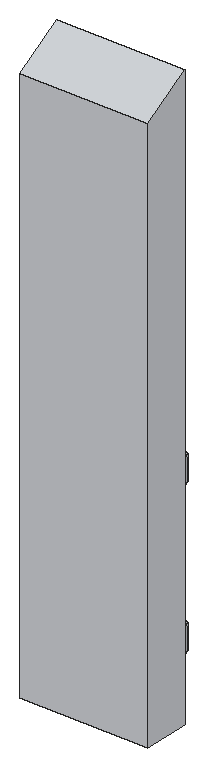
Revit family "57_CRD_ME_Ventura_V1C-V", category Mechanical Equipment, Revit 2020 (continued)
Definition of nested family "57_CRD_ME_Ventura_V1C-V_shared"
  Definition of nested family "57_rooster_bovenkant"
    Lines and regions (mm)
      model lines
        curve 119: line (22.5, -31, 0) -> (22.5, -93.5, 0)
        curve 120: arc (17.5, -31, 0) -> (20, -28.5, 0) -> (22.5, -31, 0) r 2.5
        curve 121: arc (22.5, -93.5, 0) -> (20, -96, 0) -> (17.5, -93.5, 0) r 2.5
        curve 122: line (27.5, -93.5, 0) -> (27.5, -31, 0)
        curve 123: line (32.5, -31, 0) -> (32.5, -93.5, 0)
        curve 124: arc (27.5, -31, 0) -> (30, -28.5, 0) -> (32.5, -31, 0) r 2.5
        curve 125: arc (32.5, -93.5, 0) -> (30, -96, 0) -> (27.5, -93.5, 0) r 2.5
        curve 126: line (37.5, -93.5, 0) -> (37.5, -31, 0)
        curve 127: line (42.5, -31, 0) -> (42.5, -93.5, 0)
        curve 128: arc (37.5, -31, 0) -> (40, -28.5, 0) -> (42.5, -31, 0) r 2.5
        curve 129: arc (42.5, -93.5, 0) -> (40, -96, 0) -> (37.5, -93.5, 0) r 2.5
        curve 130: line (47.5, -93.5, 0) -> (47.5, -31, 0)
        curve 131: line (52.5, -31, 0) -> (52.5, -93.5, 0)
        curve 132: arc (47.5, -31, 0) -> (50, -28.5, 0) -> (52.5, -31, 0) r 2.5
        curve 133: arc (52.5, -93.5, 0) -> (50, -96, 0) -> (47.5, -93.5, 0) r 2.5
        curve 134: line (57.5, -93.5, 0) -> (57.5, -31, 0)
        curve 135: line (62.5, -31, 0) -> (62.5, -93.5, 0)
        curve 136: arc (57.5, -31, 0) -> (60, -28.5, 0) -> (62.5, -31, 0) r 2.5
        curve 137: arc (62.5, -93.5, 0) -> (60, -96, 0) -> (57.5, -93.5, 0) r 2.5
        curve 138: line (67.5, -93.5, 0) -> (67.5, -31, 0)
        curve 139: line (72.5, -31, 0) -> (72.5, -93.5, 0)
        curve 140: arc (67.5, -31, 0) -> (70, -28.5, 0) -> (72.5, -31, 0) r 2.5
        curve 141: arc (72.5, -93.5, 0) -> (70, -96, 0) -> (67.5, -93.5, 0) r 2.5
        curve 142: line (77.5, -93.5, 0) -> (77.5, -31, 0)
        curve 143: line (82.5, -31, 0) -> (82.5, -93.5, 0)
        curve 144: arc (77.5, -31, 0) -> (80, -28.5, 0) -> (82.5, -31, 0) r 2.5
        curve 145: arc (82.5, -93.5, 0) -> (80, -96, 0) -> (77.5, -93.5, 0) r 2.5
        curve 146: line (87.5, -93.5, 0) -> (87.5, -31, 0)
        curve 147: line (92.5, -31, 0) -> (92.5, -93.5, 0)
        curve 148: arc (87.5, -31, 0) -> (90, -28.5, 0) -> (92.5, -31, 0) r 2.5
        curve 149: arc (92.5, -93.5, 0) -> (90, -96, 0) -> (87.5, -93.5, 0) r 2.5
        curve 150: line (97.5, -93.5, 0) -> (97.5, -31, 0)
        curve 151: line (102.5, -31, 0) -> (102.5, -93.5, 0)
        curve 152: arc (97.5, -31, 0) -> (100, -28.5, 0) -> (102.5, -31, 0) r 2.5
        curve 153: arc (102.5, -93.5, 0) -> (100, -96, 0) -> (97.5, -93.5, 0) r 2.5
        curve 154: line (107.5, -93.5, 0) -> (107.5, -31, 0)
        curve 155: line (112.5, -31, 0) -> (112.5, -93.5, 0)
        curve 156: arc (107.5, -31, 0) -> (110, -28.5, 0) -> (112.5, -31, 0) r 2.5
        curve 157: arc (112.5, -93.5, 0) -> (110, -96, 0) -> (107.5, -93.5, 0) r 2.5
        curve 158: line (117.5, -93.5, 0) -> (117.5, -31, 0)
        curve 159: line (122.5, -31, 0) -> (122.5, -93.5, 0)
        curve 160: arc (117.5, -31, 0) -> (120, -28.5, 0) -> (122.5, -31, 0) r 2.5
        curve 161: arc (122.5, -93.5, 0) -> (120, -96, 0) -> (117.5, -93.5, 0) r 2.5
        curve 162: line (127.5, -93.5, 0) -> (127.5, -31, 0)
        curve 163: line (132.5, -31, 0) -> (132.5, -93.5, 0)
        curve 164: arc (127.5, -31, 0) -> (130, -28.5, 0) -> (132.5, -31, 0) r 2.5
        curve 165: arc (132.5, -93.5, 0) -> (130, -96, 0) -> (127.5, -93.5, 0) r 2.5
        curve 166: line (137.5, -93.5, 0) -> (137.5, -31, 0)
        curve 167: line (142.5, -31, 0) -> (142.5, -93.5, 0)
        curve 168: arc (137.5, -31, 0) -> (140, -28.5, 0) -> (142.5, -31, 0) r 2.5
        curve 169: arc (142.5, -93.5, 0) -> (140, -96, 0) -> (137.5, -93.5, 0) r 2.5
        curve 170: line (147.5, -93.5, 0) -> (147.5, -31, 0)
        curve 171: line (152.5, -31, 0) -> (152.5, -93.5, 0)
        curve 172: arc (147.5, -31, 0) -> (150, -28.5, 0) -> (152.5, -31, 0) r 2.5
        curve 173: arc (152.5, -93.5, 0) -> (150, -96, 0) -> (147.5, -93.5, 0) r 2.5
        curve 174: line (157.5, -93.5, 0) -> (157.5, -31, 0)
        curve 175: line (162.5, -31, 0) -> (162.5, -93.5, 0)
        curve 176: arc (157.5, -31, 0) -> (160, -28.5, 0) -> (162.5, -31, 0) r 2.5
        curve 177: arc (162.5, -93.5, 0) -> (160, -96, 0) -> (157.5, -93.5, 0) r 2.5
        curve 178: line (167.5, -93.5, 0) -> (167.5, -31, 0)
        curve 179: line (172.5, -31, 0) -> (172.5, -93.5, 0)
        curve 180: arc (167.5, -31, 0) -> (170, -28.5, 0) -> (172.5, -31, 0) r 2.5
        curve 181: arc (172.5, -93.5, 0) -> (170, -96, 0) -> (167.5, -93.5, 0) r 2.5
        curve 182: line (177.5, -93.5, 0) -> (177.5, -31, 0)
        curve 183: line (182.5, -31, 0) -> (182.5, -93.5, 0)
        curve 184: arc (177.5, -31, 0) -> (180, -28.5, 0) -> (182.5, -31, 0) r 2.5
        curve 185: arc (182.5, -93.5, 0) -> (180, -96, 0) -> (177.5, -93.5, 0) r 2.5
        curve 186: line (187.5, -93.5, 0) -> (187.5, -31, 0)
        curve 187: line (192.5, -31, 0) -> (192.5, -93.5, 0)
        curve 188: arc (187.5, -31, 0) -> (190, -28.5, 0) -> (192.5, -31, 0) r 2.5
        curve 189: arc (192.5, -93.5, 0) -> (190, -96, 0) -> (187.5, -93.5, 0) r 2.5
        curve 190: line (197.5, -93.5, 0) -> (197.5, -31, 0)
        curve 191: line (202.5, -31, 0) -> (202.5, -93.5, 0)
        curve 192: arc (197.5, -31, 0) -> (200, -28.5, 0) -> (202.5, -31, 0) r 2.5
        curve 193: arc (202.5, -93.5, 0) -> (200, -96, 0) -> (197.5, -93.5, 0) r 2.5
        curve 194: line (207.5, -93.5, 0) -> (207.5, -31, 0)
        curve 195: line (212.5, -31, 0) -> (212.5, -93.5, 0)
        curve 196: arc (207.5, -31, 0) -> (210, -28.5, 0) -> (212.5, -31, 0) r 2.5
        curve 197: arc (212.5, -93.5, 0) -> (210, -96, 0) -> (207.5, -93.5, 0) r 2.5
        curve 198: line (217.5, -93.5, 0) -> (217.5, -31, 0)
        curve 199: line (222.5, -31, 0) -> (222.5, -93.5, 0)
        curve 200: arc (217.5, -31, 0) -> (220, -28.5, 0) -> (222.5, -31, 0) r 2.5
        curve 201: arc (222.5, -93.5, 0) -> (220, -96, 0) -> (217.5, -93.5, 0) r 2.5
        curve 202: line (227.5, -93.5, 0) -> (227.5, -31, 0)
        curve 203: line (232.5, -31, 0) -> (232.5, -93.5, 0)
        curve 204: arc (227.5, -31, 0) -> (230, -28.5, 0) -> (232.5, -31, 0) r 2.5
        curve 205: arc (232.5, -93.5, 0) -> (230, -96, 0) -> (227.5, -93.5, 0) r 2.5
        curve 206: line (237.5, -93.5, 0) -> (237.5, -31, 0)
        curve 207: line (242.5, -31, 0) -> (242.5, -93.5, 0)
        curve 208: arc (237.5, -31, 0) -> (240, -28.5, 0) -> (242.5, -31, 0) r 2.5
        curve 209: arc (242.5, -93.5, 0) -> (240, -96, 0) -> (237.5, -93.5, 0) r 2.5
        curve 210: line (247.5, -93.5, 0) -> (247.5, -31, 0)
        curve 211: line (252.5, -31, 0) -> (252.5, -93.5, 0)
        curve 212: arc (247.5, -31, 0) -> (250, -28.5, 0) -> (252.5, -31, 0) r 2.5
        curve 213: arc (252.5, -93.5, 0) -> (250, -96, 0) -> (247.5, -93.5, 0) r 2.5
        curve 214: line (257.5, -93.5, 0) -> (257.5, -31, 0)
        curve 215: line (262.5, -31, 0) -> (262.5, -93.5, 0)
        curve 216: arc (257.5, -31, 0) -> (260, -28.5, 0) -> (262.5, -31, 0) r 2.5
        curve 217: arc (262.5, -93.5, 0) -> (260, -96, 0) -> (257.5, -93.5, 0) r 2.5
        curve 218: line (-262.5, 19, 0) -> (-262.5, 81.5, 0)
        curve 219: line (-257.5, 81.5, 0) -> (-257.5, 19, 0)
        curve 220: arc (-262.5, 81.5, 0) -> (-260, 84, 0) -> (-257.5, 81.5, 0) r 2.5
        curve 221: arc (-257.5, 19, 0) -> (-260, 16.5, 0) -> (-262.5, 19, 0) r 2.5
        curve 222: line (-252.5, 19, 0) -> (-252.5, 81.5, 0)
        curve 223: line (-247.5, 81.5, 0) -> (-247.5, 19, 0)
        curve 224: arc (-252.5, 81.5, 0) -> (-250, 84, 0) -> (-247.5, 81.5, 0) r 2.5
        curve 225: arc (-247.5, 19, 0) -> (-250, 16.5, 0) -> (-252.5, 19, 0) r 2.5
        curve 226: line (-242.5, 19, 0) -> (-242.5, 81.5, 0)
        curve 227: line (-237.5, 81.5, 0) -> (-237.5, 19, 0)
        curve 228: arc (-242.5, 81.5, 0) -> (-240, 84, 0) -> (-237.5, 81.5, 0) r 2.5
        curve 229: arc (-237.5, 19, 0) -> (-240, 16.5, 0) -> (-242.5, 19, 0) r 2.5
        curve 230: line (-232.5, 19, 0) -> (-232.5, 81.5, 0)
        curve 231: line (-227.5, 81.5, 0) -> (-227.5, 19, 0)
        curve 232: arc (-232.5, 81.5, 0) -> (-230, 84, 0) -> (-227.5, 81.5, 0) r 2.5
        curve 233: arc (-227.5, 19, 0) -> (-230, 16.5, 0) -> (-232.5, 19, 0) r 2.5
        curve 234: line (-222.5, 19, 0) -> (-222.5, 81.5, 0)
        curve 235: line (-217.5, 81.5, 0) -> (-217.5, 19, 0)
        curve 236: arc (-222.5, 81.5, 0) -> (-220, 84, 0) -> (-217.5, 81.5, 0) r 2.5
        curve 237: arc (-217.5, 19, 0) -> (-220, 16.5, 0) -> (-222.5, 19, 0) r 2.5
        curve 238: line (-212.5, 19, 0) -> (-212.5, 81.5, 0)
        curve 239: line (-207.5, 81.5, 0) -> (-207.5, 19, 0)
        curve 240: arc (-212.5, 81.5, 0) -> (-210, 84, 0) -> (-207.5, 81.5, 0) r 2.5
        curve 241: arc (-207.5, 19, 0) -> (-210, 16.5, 0) -> (-212.5, 19, 0) r 2.5
        curve 242: line (-202.5, 19, 0) -> (-202.5, 81.5, 0)
        curve 243: line (-197.5, 81.5, 0) -> (-197.5, 19, 0)
        curve 244: arc (-202.5, 81.5, 0) -> (-200, 84, 0) -> (-197.5, 81.5, 0) r 2.5
        curve 245: arc (-197.5, 19, 0) -> (-200, 16.5, 0) -> (-202.5, 19, 0) r 2.5
        curve 246: line (-192.5, 19, 0) -> (-192.5, 81.5, 0)
        curve 247: line (-187.5, 81.5, 0) -> (-187.5, 19, 0)
        curve 248: arc (-192.5, 81.5, 0) -> (-190, 84, 0) -> (-187.5, 81.5, 0) r 2.5
        curve 249: arc (-187.5, 19, 0) -> (-190, 16.5, 0) -> (-192.5, 19, 0) r 2.5
        curve 250: line (-182.5, 19, 0) -> (-182.5, 81.5, 0)
        curve 251: line (-177.5, 81.5, 0) -> (-177.5, 19, 0)
        curve 252: arc (-182.5, 81.5, 0) -> (-180, 84, 0) -> (-177.5, 81.5, 0) r 2.5
        curve 253: arc (-177.5, 19, 0) -> (-180, 16.5, 0) -> (-182.5, 19, 0) r 2.5
        curve 254: line (-172.5, 19, 0) -> (-172.5, 81.5, 0)
        curve 255: line (-167.5, 81.5, 0) -> (-167.5, 19, 0)
        curve 256: arc (-172.5, 81.5, 0) -> (-170, 84, 0) -> (-167.5, 81.5, 0) r 2.5
        curve 257: arc (-167.5, 19, 0) -> (-170, 16.5, 0) -> (-172.5, 19, 0) r 2.5
        curve 258: line (-162.5, 19, 0) -> (-162.5, 81.5, 0)
        curve 259: line (-157.5, 81.5, 0) -> (-157.5, 19, 0)
        curve 260: arc (-162.5, 81.5, 0) -> (-160, 84, 0) -> (-157.5, 81.5, 0) r 2.5
        curve 261: arc (-157.5, 19, 0) -> (-160, 16.5, 0) -> (-162.5, 19, 0) r 2.5
        curve 262: line (-152.5, 19, 0) -> (-152.5, 81.5, 0)
        curve 263: line (-147.5, 81.5, 0) -> (-147.5, 19, 0)
        curve 264: arc (-152.5, 81.5, 0) -> (-150, 84, 0) -> (-147.5, 81.5, 0) r 2.5
        curve 265: arc (-147.5, 19, 0) -> (-150, 16.5, 0) -> (-152.5, 19, 0) r 2.5
        curve 266: line (-142.5, 19, 0) -> (-142.5, 81.5, 0)
        curve 267: line (-137.5, 81.5, 0) -> (-137.5, 19, 0)
        curve 268: arc (-142.5, 81.5, 0) -> (-140, 84, 0) -> (-137.5, 81.5, 0) r 2.5
        curve 269: arc (-137.5, 19, 0) -> (-140, 16.5, 0) -> (-142.5, 19, 0) r 2.5
        curve 270: line (-132.5, 19, 0) -> (-132.5, 81.5, 0)
        curve 271: line (-127.5, 81.5, 0) -> (-127.5, 19, 0)
        curve 272: arc (-132.5, 81.5, 0) -> (-130, 84, 0) -> (-127.5, 81.5, 0) r 2.5
        curve 273: arc (-127.5, 19, 0) -> (-130, 16.5, 0) -> (-132.5, 19, 0) r 2.5
        curve 274: line (-122.5, 19, 0) -> (-122.5, 81.5, 0)
        curve 275: line (-117.5, 81.5, 0) -> (-117.5, 19, 0)
        curve 276: arc (-122.5, 81.5, 0) -> (-120, 84, 0) -> (-117.5, 81.5, 0) r 2.5
        curve 277: arc (-117.5, 19, 0) -> (-120, 16.5, 0) -> (-122.5, 19, 0) r 2.5
        curve 278: line (-112.5, 19, 0) -> (-112.5, 81.5, 0)
        curve 279: line (-107.5, 81.5, 0) -> (-107.5, 19, 0)
        curve 280: arc (-112.5, 81.5, 0) -> (-110, 84, 0) -> (-107.5, 81.5, 0) r 2.5
        curve 281: arc (-107.5, 19, 0) -> (-110, 16.5, 0) -> (-112.5, 19, 0) r 2.5
        curve 282: line (-102.5, 19, 0) -> (-102.5, 81.5, 0)
        curve 283: line (-97.5, 81.5, 0) -> (-97.5, 19, 0)
        curve 284: arc (-102.5, 81.5, 0) -> (-100, 84, 0) -> (-97.5, 81.5, 0) r 2.5
        curve 285: arc (-97.5, 19, 0) -> (-100, 16.5, 0) -> (-102.5, 19, 0) r 2.5
        curve 286: line (-92.5, 19, 0) -> (-92.5, 81.5, 0)
        curve 287: line (-87.5, 81.5, 0) -> (-87.5, 19, 0)
        curve 288: arc (-92.5, 81.5, 0) -> (-90, 84, 0) -> (-87.5, 81.5, 0) r 2.5
        curve 289: arc (-87.5, 19, 0) -> (-90, 16.5, 0) -> (-92.5, 19, 0) r 2.5
        curve 290: line (-82.5, 19, 0) -> (-82.5, 81.5, 0)
        curve 291: line (-77.5, 81.5, 0) -> (-77.5, 19, 0)
        curve 292: arc (-82.5, 81.5, 0) -> (-80, 84, 0) -> (-77.5, 81.5, 0) r 2.5
        curve 293: arc (-77.5, 19, 0) -> (-80, 16.5, 0) -> (-82.5, 19, 0) r 2.5
        curve 294: line (-72.5, 19, 0) -> (-72.5, 81.5, 0)
        curve 295: line (-67.5, 81.5, 0) -> (-67.5, 19, 0)
        curve 296: arc (-72.5, 81.5, 0) -> (-70, 84, 0) -> (-67.5, 81.5, 0) r 2.5
        curve 297: arc (-67.5, 19, 0) -> (-70, 16.5, 0) -> (-72.5, 19, 0) r 2.5
        curve 298: line (-62.5, 19, 0) -> (-62.5, 81.5, 0)
        curve 299: line (-57.5, 81.5, 0) -> (-57.5, 19, 0)
        curve 300: arc (-62.5, 81.5, 0) -> (-60, 84, 0) -> (-57.5, 81.5, 0) r 2.5
        curve 301: arc (-57.5, 19, 0) -> (-60, 16.5, 0) -> (-62.5, 19, 0) r 2.5
        curve 302: line (-52.5, 19, 0) -> (-52.5, 81.5, 0)
        curve 303: line (-47.5, 81.5, 0) -> (-47.5, 19, 0)
        curve 304: arc (-52.5, 81.5, 0) -> (-50, 84, 0) -> (-47.5, 81.5, 0) r 2.5
        curve 305: arc (-47.5, 19, 0) -> (-50, 16.5, 0) -> (-52.5, 19, 0) r 2.5
        curve 306: line (-42.5, 19, 0) -> (-42.5, 81.5, 0)
        curve 307: line (-37.5, 81.5, 0) -> (-37.5, 19, 0)
        curve 308: arc (-42.5, 81.5, 0) -> (-40, 84, 0) -> (-37.5, 81.5, 0) r 2.5
        curve 309: arc (-37.5, 19, 0) -> (-40, 16.5, 0) -> (-42.5, 19, 0) r 2.5
        curve 310: line (-32.5, 19, 0) -> (-32.5, 81.5, 0)
        curve 311: line (-27.5, 81.5, 0) -> (-27.5, 19, 0)
        curve 312: arc (-32.5, 81.5, 0) -> (-30, 84, 0) -> (-27.5, 81.5, 0) r 2.5
        curve 313: arc (-27.5, 19, 0) -> (-30, 16.5, 0) -> (-32.5, 19, 0) r 2.5
        curve 314: line (-22.5, 19, 0) -> (-22.5, 81.5, 0)
        curve 315: line (-17.5, 81.5, 0) -> (-17.5, 19, 0)
        curve 316: arc (-22.5, 81.5, 0) -> (-20, 84, 0) -> (-17.5, 81.5, 0) r 2.5
        curve 317: arc (-17.5, 19, 0) -> (-20, 16.5, 0) -> (-22.5, 19, 0) r 2.5
        curve 318: line (-12.5, 19, 0) -> (-12.5, 81.5, 0)
        curve 319: line (-7.5, 81.5, 0) -> (-7.5, 19, 0)
        curve 320: arc (-12.5, 81.5, 0) -> (-10, 84, 0) -> (-7.5, 81.5, 0) r 2.5
        curve 321: arc (-7.5, 19, 0) -> (-10, 16.5, 0) -> (-12.5, 19, 0) r 2.5
        curve 322: line (-2.5, 19, 0) -> (-2.5, 81.5, 0)
        curve 323: line (2.5, 81.5, 0) -> (2.5, 19, 0)
        curve 324: arc (-2.5, 81.5, 0) -> (0, 84, 0) -> (2.5, 81.5, 0) r 2.5
        curve 325: arc (2.5, 19, 0) -> (0, 16.5, 0) -> (-2.5, 19, 0) r 2.5
        curve 326: line (7.5, 19, 0) -> (7.5, 81.5, 0)
        curve 327: line (12.5, 81.5, 0) -> (12.5, 19, 0)
        curve 328: arc (7.5, 81.5, 0) -> (10, 84, 0) -> (12.5, 81.5, 0) r 2.5
        curve 329: arc (12.5, 19, 0) -> (10, 16.5, 0) -> (7.5, 19, 0) r 2.5
        curve 330: line (17.5, 19, 0) -> (17.5, 81.5, 0)
        curve 331: line (22.5, 81.5, 0) -> (22.5, 19, 0)
        curve 332: arc (17.5, 81.5, 0) -> (20, 84, 0) -> (22.5, 81.5, 0) r 2.5
        curve 333: arc (22.5, 19, 0) -> (20, 16.5, 0) -> (17.5, 19, 0) r 2.5
        curve 334: line (27.5, 19, 0) -> (27.5, 81.5, 0)
        curve 335: line (32.5, 81.5, 0) -> (32.5, 19, 0)
        curve 336: arc (27.5, 81.5, 0) -> (30, 84, 0) -> (32.5, 81.5, 0) r 2.5
        curve 337: arc (32.5, 19, 0) -> (30, 16.5, 0) -> (27.5, 19, 0) r 2.5
        curve 338: line (37.5, 19, 0) -> (37.5, 81.5, 0)
        curve 339: line (42.5, 81.5, 0) -> (42.5, 19, 0)
        curve 340: arc (37.5, 81.5, 0) -> (40, 84, 0) -> (42.5, 81.5, 0) r 2.5
        curve 341: arc (42.5, 19, 0) -> (40, 16.5, 0) -> (37.5, 19, 0) r 2.5
        curve 342: line (47.5, 19, 0) -> (47.5, 81.5, 0)
        curve 343: line (52.5, 81.5, 0) -> (52.5, 19, 0)
        curve 344: arc (47.5, 81.5, 0) -> (50, 84, 0) -> (52.5, 81.5, 0) r 2.5
        curve 345: arc (52.5, 19, 0) -> (50, 16.5, 0) -> (47.5, 19, 0) r 2.5
        curve 346: line (57.5, 19, 0) -> (57.5, 81.5, 0)
        curve 347: line (62.5, 81.5, 0) -> (62.5, 19, 0)
        curve 348: arc (57.5, 81.5, 0) -> (60, 84, 0) -> (62.5, 81.5, 0) r 2.5
        curve 349: arc (62.5, 19, 0) -> (60, 16.5, 0) -> (57.5, 19, 0) r 2.5
        curve 350: line (67.5, 19, 0) -> (67.5, 81.5, 0)
        curve 351: line (72.5, 81.5, 0) -> (72.5, 19, 0)
        curve 352: arc (67.5, 81.5, 0) -> (70, 84, 0) -> (72.5, 81.5, 0) r 2.5
        curve 353: arc (72.5, 19, 0) -> (70, 16.5, 0) -> (67.5, 19, 0) r 2.5
        curve 354: line (77.5, 19, 0) -> (77.5, 81.5, 0)
        curve 355: line (82.5, 81.5, 0) -> (82.5, 19, 0)
        curve 356: arc (77.5, 81.5, 0) -> (80, 84, 0) -> (82.5, 81.5, 0) r 2.5
        curve 357: arc (82.5, 19, 0) -> (80, 16.5, 0) -> (77.5, 19, 0) r 2.5
        curve 358: line (87.5, 19, 0) -> (87.5, 81.5, 0)
        curve 359: line (92.5, 81.5, 0) -> (92.5, 19, 0)
        curve 360: arc (87.5, 81.5, 0) -> (90, 84, 0) -> (92.5, 81.5, 0) r 2.5
        curve 361: arc (92.5, 19, 0) -> (90, 16.5, 0) -> (87.5, 19, 0) r 2.5
        curve 362: line (97.5, 19, 0) -> (97.5, 81.5, 0)
        curve 363: line (102.5, 81.5, 0) -> (102.5, 19, 0)
        curve 364: arc (97.5, 81.5, 0) -> (100, 84, 0) -> (102.5, 81.5, 0) r 2.5
        curve 365: arc (102.5, 19, 0) -> (100, 16.5, 0) -> (97.5, 19, 0) r 2.5
        curve 366: line (107.5, 19, 0) -> (107.5, 81.5, 0)
        curve 367: line (112.5, 81.5, 0) -> (112.5, 19, 0)
        curve 368: arc (107.5, 81.5, 0) -> (110, 84, 0) -> (112.5, 81.5, 0) r 2.5
        curve 369: arc (112.5, 19, 0) -> (110, 16.5, 0) -> (107.5, 19, 0) r 2.5
        curve 370: line (117.5, 19, 0) -> (117.5, 81.5, 0)
        curve 371: line (122.5, 81.5, 0) -> (122.5, 19, 0)
        curve 372: arc (117.5, 81.5, 0) -> (120, 84, 0) -> (122.5, 81.5, 0) r 2.5
        curve 373: arc (122.5, 19, 0) -> (120, 16.5, 0) -> (117.5, 19, 0) r 2.5
        curve 374: line (127.5, 19, 0) -> (127.5, 81.5, 0)
        curve 375: line (132.5, 81.5, 0) -> (132.5, 19, 0)
        curve 376: arc (127.5, 81.5, 0) -> (130, 84, 0) -> (132.5, 81.5, 0) r 2.5
        curve 377: arc (132.5, 19, 0) -> (130, 16.5, 0) -> (127.5, 19, 0) r 2.5
        curve 378: line (137.5, 19, 0) -> (137.5, 81.5, 0)
        curve 379: line (142.5, 81.5, 0) -> (142.5, 19, 0)
        curve 380: arc (137.5, 81.5, 0) -> (140, 84, 0) -> (142.5, 81.5, 0) r 2.5
        curve 381: arc (142.5, 19, 0) -> (140, 16.5, 0) -> (137.5, 19, 0) r 2.5
        curve 382: line (147.5, 19, 0) -> (147.5, 81.5, 0)
        curve 383: line (152.5, 81.5, 0) -> (152.5, 19, 0)
        curve 384: arc (147.5, 81.5, 0) -> (150, 84, 0) -> (152.5, 81.5, 0) r 2.5
        curve 385: arc (152.5, 19, 0) -> (150, 16.5, 0) -> (147.5, 19, 0) r 2.5
        curve 386: line (157.5, 19, 0) -> (157.5, 81.5, 0)
        curve 387: line (162.5, 81.5, 0) -> (162.5, 19, 0)
        curve 388: arc (157.5, 81.5, 0) -> (160, 84, 0) -> (162.5, 81.5, 0) r 2.5
        curve 389: arc (162.5, 19, 0) -> (160, 16.5, 0) -> (157.5, 19, 0) r 2.5
        curve 390: line (167.5, 19, 0) -> (167.5, 81.5, 0)
        curve 391: line (172.5, 81.5, 0) -> (172.5, 19, 0)
        curve 392: arc (167.5, 81.5, 0) -> (170, 84, 0) -> (172.5, 81.5, 0) r 2.5
        curve 393: arc (172.5, 19, 0) -> (170, 16.5, 0) -> (167.5, 19, 0) r 2.5
        curve 394: line (177.5, 19, 0) -> (177.5, 81.5, 0)
        curve 395: line (182.5, 81.5, 0) -> (182.5, 19, 0)
        curve 396: arc (177.5, 81.5, 0) -> (180, 84, 0) -> (182.5, 81.5, 0) r 2.5
        curve 397: arc (182.5, 19, 0) -> (180, 16.5, 0) -> (177.5, 19, 0) r 2.5
        curve 398: line (187.5, 19, 0) -> (187.5, 81.5, 0)
        curve 399: line (192.5, 81.5, 0) -> (192.5, 19, 0)
        curve 400: arc (187.5, 81.5, 0) -> (190, 84, 0) -> (192.5, 81.5, 0) r 2.5
        curve 401: arc (192.5, 19, 0) -> (190, 16.5, 0) -> (187.5, 19, 0) r 2.5
        curve 402: line (197.5, 19, 0) -> (197.5, 81.5, 0)
        curve 403: line (202.5, 81.5, 0) -> (202.5, 19, 0)
        curve 404: arc (197.5, 81.5, 0) -> (200, 84, 0) -> (202.5, 81.5, 0) r 2.5
        curve 405: arc (202.5, 19, 0) -> (200, 16.5, 0) -> (197.5, 19, 0) r 2.5
        curve 406: line (207.5, 19, 0) -> (207.5, 81.5, 0)
        curve 407: line (212.5, 81.5, 0) -> (212.5, 19, 0)
        curve 408: arc (207.5, 81.5, 0) -> (210, 84, 0) -> (212.5, 81.5, 0) r 2.5
        curve 409: arc (212.5, 19, 0) -> (210, 16.5, 0) -> (207.5, 19, 0) r 2.5
        curve 410: line (217.5, 19, 0) -> (217.5, 81.5, 0)
        curve 411: line (222.5, 81.5, 0) -> (222.5, 19, 0)
        curve 412: arc (217.5, 81.5, 0) -> (220, 84, 0) -> (222.5, 81.5, 0) r 2.5
        curve 413: arc (222.5, 19, 0) -> (220, 16.5, 0) -> (217.5, 19, 0) r 2.5
        curve 414: line (227.5, 19, 0) -> (227.5, 81.5, 0)
        curve 415: line (232.5, 81.5, 0) -> (232.5, 19, 0)
        curve 416: arc (227.5, 81.5, 0) -> (230, 84, 0) -> (232.5, 81.5, 0) r 2.5
        curve 417: arc (232.5, 19, 0) -> (230, 16.5, 0) -> (227.5, 19, 0) r 2.5
        curve 418: line (237.5, 19, 0) -> (237.5, 81.5, 0)
        curve 419: line (242.5, 81.5, 0) -> (242.5, 19, 0)
        curve 420: arc (237.5, 81.5, 0) -> (240, 84, 0) -> (242.5, 81.5, 0) r 2.5
        curve 421: arc (242.5, 19, 0) -> (240, 16.5, 0) -> (237.5, 19, 0) r 2.5
        curve 422: line (247.5, 19, 0) -> (247.5, 81.5, 0)
        curve 423: line (252.5, 81.5, 0) -> (252.5, 19, 0)
        curve 424: arc (247.5, 81.5, 0) -> (250, 84, 0) -> (252.5, 81.5, 0) r 2.5
        curve 425: arc (252.5, 19, 0) -> (250, 16.5, 0) -> (247.5, 19, 0) r 2.5
        curve 426: line (257.5, 19, 0) -> (257.5, 81.5, 0)
        curve 427: line (262.5, 81.5, 0) -> (262.5, 19, 0)
        curve 428: arc (257.5, 81.5, 0) -> (260, 84, 0) -> (262.5, 81.5, 0) r 2.5
        curve 429: arc (262.5, 19, 0) -> (260, 16.5, 0) -> (257.5, 19, 0) r 2.5
        curve 430: arc (272.5, 14.5, 0) -> (269.278, 6.722, 0) -> (261.5, 3.5, 0) r 11
        curve 431: line (261.5, 3.5, 0) -> (-261.5, 3.5, 0)
        curve 432: arc (-261.5, 3.5, 0) -> (-269.278, 6.722, 0) -> (-272.5, 14.5, 0) r 11
        curve 433: arc (-272.5, -26.5, 0) -> (-269.278, -18.722, 0) -> (-261.5, -15.5, 0) r 11
        curve 434: line (-261.5, -15.5, 0) -> (261.5, -15.5, 0)
        curve 435: arc (261.5, -15.5, 0) -> (269.278, -18.722, 0) -> (272.5, -26.5, 0) r 11
        curve 436: line (-272.5, 14.5, 0) -> (-272.5, 86, 0)
        curve 437: line (272.5, -26.5, 0) -> (272.5, -98, 0)
        curve 438: arc (272.5, -98, 0) -> (269.278, -105.778, 0) -> (261.5, -109, 0) r 11
        curve 439: line (261.5, -109, 0) -> (-261.5, -109, 0)
        curve 440: arc (-261.5, -109, 0) -> (-269.278, -105.778, 0) -> (-272.5, -98, 0) r 11
    Dimensions and locks
      aligned and locked: plane 2 to Extrusion 1
      aligned and locked: level to Extrusion 1
Definition of nested family "57_CRD_AT_aansluiting_muurrooster_flex"
  Parameters (values of type "Grille")
    rekenwaarde_offset_Y [instance] = offset_Y + 1000 mm  # 700 mm
    rekenwaarde_offset_X [instance] = offset_X + 1000 mm  # 1300 mm
    offset_Y [instance] = -300 mm
    offset_X [instance] = 300 mm
    muurrooster_waalformaat [instance] = yes
    muurrooster_vierkant [instance] = not(muurrooster_waalformaat)  # no
    materiaal_rooster [instance] = none
    materiaal_kanaal [instance] = none
    lengte_recht_deel_aansluiting [instance] = 100 mm
    diepte [instance] = 600 mm
    Width = 210 mm
    Watermarked By = ""
    URL = "www.stabiplan.com"
    Tube Length [instance] = if(muurrooster_waalformaat, diepte - 80 mm, diepte - 30 mm)  # 520 mm
    R [instance] = Connection Diameter / 2  # 75 mm
    Model = ""
    Manufacturer = "ClimaRad"  # constant formula
    IFCExportType = "GRILLE"  # constant formula
    IFCExportAs = "IfcAirTerminal"  # constant formula
    Height = 53 mm
    Diameter [instance] = Connection Diameter  # 150 mm
    Description = ""
    Depth = 7.5 mm
    Default Elevation = 1219.2 mm
    Connection Diameter 150 [instance] = yes
    Connection Diameter 110 [instance] = not(Connection Diameter 150)  # no
    Connection Diameter [instance] = if(Connection Diameter 110, 110 mm, 150 mm)  # 150 mm
    Keynote = "﻿﻿​        ﻿﻿  ﻿ ﻿   ﻿ ﻿ ﻿     ﻿   ﻿ ﻿  ﻿﻿ ﻿     ​                      ﻿     ﻿     ​         ​              ﻿                           ​﻿﻿"
    Type Comments = "﻿﻿​        ﻿﻿  ﻿ ﻿   ﻿ ﻿ ﻿     ﻿   ﻿ ﻿  ﻿﻿ ﻿     ​                      ﻿     ﻿     ​         ​              ﻿                           ​﻿﻿"
    Assembly Code = "﻿﻿​        ﻿﻿  ﻿ ﻿   ﻿ ﻿ ﻿     ﻿   ﻿ ﻿  ﻿﻿ ﻿     ​                      ﻿     ﻿     ​         ​              ﻿                           ​﻿﻿"
  Reference planes
    plane 1 "Center (Front/Back)": y = 0
    plane 2: z = 0
    plane 3 "Center (Left/Right)": x = 0
    plane 4: y = -340.025
    plane 5: x = 43
    plane 6: x = -43
    plane 7 "achterkant_rooster": y = -520
    plane 8: x = -1000
    plane 9: z = -1000
    plane 10: x = 300
    plane 11 "level_muurrooster": z = -300
    plane 12 "asp_rooster": y = -470.025
    plane 13 "ventura_ASP": y = -100
    plane 14: y = -550.025
    plane 15: y = -600.025
  Forms (mm)
    Extrusion 1, solid, material <- "materiaal_kanaal"
      sketch origin (0, -100, 0) x (-1, 0, 0) y (0, 0, 1)
        loop
          circle (0, 0) r 75
      from 0 to 100
    Blend 2, solid, material <- "materiaal_kanaal"
      base sketch origin (0, -100, 0) x (-1, 0, 0) y (0, 0, 1)
        loop
          circle (0, 0) r 75
      top sketch origin (0, -470.025, 0) x (-1, 0, 0) y (0, 0, 1)
        loop
          circle (-300, -299.499) r 75
      from 0 to 0
    SweptBlend 3, solid, material <- "materiaal_kanaal"
      path origin (0, -430.025, -300) x (-1, 0, 0) y (0, -1, 0)
        loop
          line (-300, 40) -> (-300, 89.975)
      profile origin (300, -470.025, -300) x (1, 0, 0) y (0, 0, 1)
        loop
          circle (0, 0.501) r 75
      end profile origin (300, -520, -300) x (1, 0, 0) y (0, 0, 1)
        loop
          circle (0, 0.501) r 50
  Lines and regions (mm)
    model lines
      curve 1: line (300, -470.025, -300) -> (300, -520, -300)
  Dimensions and locks
    equal spacing: plane 6, plane 3 "Center (Left/Right)", plane 5
    locked: plane 6 to plane 5 at 86
    plane 1 "Center (Front/Back)" to plane 4 = 340.025 mm
    plane 7 "achterkant_rooster" to plane 1 "Center (Front/Back)" = 520 mm
    locked: plane 3 "Center (Left/Right)" to plane 8 at 1000
    locked: plane 2 to plane 9 at 1000
    "rekenwaarde_offset_Y": plane 11 "level_muurrooster" to plane 9
    "rekenwaarde_offset_X": plane 10 to plane 8
    locked: plane 14 to plane 15 at 50
    "Tube Length": plane 7 "achterkant_rooster" to plane 1 "Center (Front/Back)"
    locked: plane 7 "achterkant_rooster" to plane 12 "asp_rooster" at 49.975
    locked: plane 15 to plane 7 "achterkant_rooster" at 80.025
    "lengte_recht_deel_aansluiting": plane 1 "Center (Front/Back)" to plane 13 "ventura_ASP"
    "Diameter": diameter of Extrusion 1 sketch curve
    "Diameter": diameter of Blend 2 sketch curve  (x2)
    "Diameter": diameter of SweptBlend 3 sketch curve
    aligned and locked: level to plane 2
    aligned and locked: plane 7 "achterkant_rooster" to SweptBlend 3 sketch curve
    aligned and locked: SweptBlend 3 sketch curve to plane 12 "asp_rooster"
    aligned and locked: plane 10 to nested 1
    aligned and locked: nested 2 to plane 14
    aligned and locked: plane 10 to nested 2
    aligned and locked: nested 1 to plane 15
    aligned and locked: Extrusion 1 to plane 1 "Center (Front/Back)"
  Automatic sketch dimensions
    plane 7 "achterkant_rooster" to curve 1 = 0 mm
    curve 1 to plane 10 = 0 mm
    curve 1 to plane 12 "asp_rooster" = 0 mm
    SweptBlend 3 sketch curve to plane 10 = 0 mm
    profile plane to SweptBlend 3 sketch curve = 0 mm  (x2)
    plane 11 "level_muurrooster" to SweptBlend 3 sketch curve = 0.501 mm  (x2)
    Extrusion 1 sketch curve to level = 0 mm
    Extrusion 1 sketch curve to plane 3 "Center (Left/Right)" = 0 mm
    Blend 2 sketch curve to level = 0 mm
    Blend 2 sketch curve to plane 3 "Center (Left/Right)" = 0 mm
    Blend 2 sketch curve to Blend 2 sketch curve = 0 mm  (x2)
    Blend 2 sketch curve to plane 10 = 0 mm
    plane 11 "level_muurrooster" to Blend 2 sketch curve = 0.501 mm
    radius of SweptBlend 3 sketch curve = 50 mm
  Nested families
    nested 1: "Rectangular Grille" at (300, -600.025, -300), materiaal <- "materiaal_rooster", visible <- "muurrooster_waalformaat", type "Rectangular Grille"
      with materiaal none, Function Code "", Default Elevation 0 mm
    nested 2: "Square Grille" at (300, -550.025, -300), materiaal <- "materiaal_rooster", visible <- "muurrooster_vierkant", type "Square Grille"
      with materiaal none, Function Code ""
  Definition of nested family "Rectangular Grille"
    Parameters (values of type "Rectangular Grille")
      Width = 210 mm
      Wholesaler Art. No. = ""
      Wholesaler = ""
      materiaal [instance] = none
      Watermarked By = "www.stabiplan.com"
      URL = "www.stabiplan.com"
      Type Comments = "﻿﻿ ﻿ ﻿﻿﻿﻿﻿﻿          ​          ﻿       ﻿   ﻿  ﻿  ﻿  ﻿​     ​​  ​​   ​​   ﻿﻿     ​      ​​  ​​      ﻿     ﻿   ﻿      ﻿  ﻿﻿"
      Stabu Code = ""
      Revit Version = "2014"  # constant formula
      Product Line = "ClimaRad"
      Model = "53x210"
      Manufacturer URL = "www.climarad.com"
      Manufacturer Art. No. = "3511103"
      Manufacturer = "ClimaRad"
      MEPcontent Class = "GRILLE"  # constant formula
      Keynote = "﻿﻿ ﻿ ﻿﻿﻿﻿﻿﻿          ​          ﻿       ﻿   ﻿  ﻿  ﻿  ﻿​     ​​  ​​   ​​   ﻿﻿     ​      ​​  ​​      ﻿     ﻿   ﻿      ﻿  ﻿﻿"
      Internal Art. No. = ""
      IFCExportType = "GRILLE"  # constant formula
      IFCExportAs = "IfcAirTerminalType"  # constant formula
      Height = 53 mm
      GTIN = ""
      Function Code [instance] = ""
      Family Version = "10.04"  # constant formula
      ETIM Article Class = "EC001297"
      EMCS Version = "2.0"  # constant formula
      Description = "Aluminium brick"
      Depth = 7.5 mm
      Default Elevation = 1219.2 mm
      Custom = no
      Copyright = "© Stabiplan International BV"  # constant formula
      Content Supplier URL = "www.mepcontent.eu"
      CB-NL Class = ""
      Assembly Code = "﻿﻿ ﻿ ﻿﻿﻿﻿﻿﻿          ​          ﻿       ﻿   ﻿  ﻿  ﻿  ﻿​     ​​  ​​   ​​   ﻿﻿     ​      ​​  ​​      ﻿     ﻿   ﻿      ﻿  ﻿﻿"
      Article Type = "53x210"
      Article Description = "Aluminium brick"
    Reference planes
      plane 1 "Center (Front/Back)": y = 0
      plane 2: z = 0
      plane 3 "Center (Left/Right)": x = 0
      plane 4: y = 90
    Forms (mm)
      Revolve 1, solid, material <- "materiaal", detail levels fine
        sketch origin (0, 50, 0) x (0, 1, 0) y (0, 0, 1)
          loop
            arc (39.018, 42.11) -> (39.963, 43.055) -> (39.018, 44) r 0.945
            line (39.018, 44) -> (38.22, 44)
            arc (38.22, 44) -> (37.144, 44.34) -> (36.461, 45.238) r 1.868
            line (36.461, 45.238) -> (36.176, 46.035)
            arc (36.176, 46.035) -> (35.58, 46.509) -> (34.985, 46.035) r 0.611
            line (34.985, 46.035) -> (34.985, 44.473)
            arc (34.985, 44.473) -> (34.391, 43.99) -> (33.796, 44.473) r 0.607
            line (33.796, 44.473) -> (33.796, 46.019)
            arc (33.796, 46.019) -> (33.188, 46.501) -> (32.58, 46.019) r 0.625
            line (32.58, 46.019) -> (32.287, 45.206)
            arc (32.287, 45.206) -> (31.587, 44.307) -> (30.491, 43.995) r 1.834
            line (30.491, 43.995) -> (29.298, 43.995)
            arc (29.298, 43.995) -> (28.157, 44.349) -> (27.417, 45.286) r 2.015
            line (27.417, 45.286) -> (27.157, 46.035)
            arc (27.157, 46.035) -> (26.562, 46.509) -> (25.966, 46.035) r 0.611
            line (25.966, 46.035) -> (25.966, 44.473)
            arc (25.966, 44.473) -> (25.372, 43.99) -> (24.777, 44.473) r 0.607
            line (24.777, 44.473) -> (24.777, 46.019)
            arc (24.777, 46.019) -> (24.169, 46.501) -> (23.561, 46.019) r 0.625
            line (23.561, 46.019) -> (23.268, 45.206)
            arc (23.268, 45.206) -> (22.536, 44.329) -> (21.442, 44) r 1.985
            line (21.442, 44) -> (0, 44) -> (0, 42.11) -> (39.018, 42.11)
          axis (39.018, 0) -> (0, 0)
        angle from 0 to 360
      Sweep 2, solid, material <- "materiaal", detail levels fine
        path origin (0, 0, 0) x (1, 0, 0) y (0, 0, 1)
          loop
            line (-104, 25.5) -> (-104, -25.5) -> (104, -25.5) -> (104, 25.5) -> (-104, 25.5)
        profile origin (0, 0, 25.5) x (0, 0, 1) y (0, -1, 0)
          loop
            line (-3.5, 6.5) -> (-0.973, 6.5)
            arc (-0.973, 6.5) -> (-0.285, 6.215) -> (0, 5.527) r 0.973
            line (0, 5.527) -> (0, 0) -> (1, 0) -> (1, 5.549)
            arc (1, 5.549) -> (0.429, 6.929) -> (-0.951, 7.5) r 1.951
            line (-0.951, 7.5) -> (-3.5, 7.5) -> (-3.5, 6.5)
      Extrusion 3, solid, material <- "materiaal", detail levels fine
        sketch origin (0, 0, 0) x (0, 1, 0) y (0, 0, 1)
          loop
            line (13.466, 12.788) -> (0.018, 16.392)
            arc (0.018, 16.392) -> (-0.847, 16.43) -> (-1.647, 16.098) r 2
            line (-1.647, 16.098) -> (-7.5, 12) -> (-6.926, 11.181) -> (-1.074, 15.279)
            arc (-1.074, 15.279) -> (-0.674, 15.445) -> (-0.241, 15.426) r 1
            line (-0.241, 15.426) -> (13.207, 11.822) -> (13.466, 12.788)
          loop
            line (13.466, 0.788) -> (0.018, 4.392)
            arc (0.018, 4.392) -> (-0.847, 4.43) -> (-1.647, 4.098) r 2
            line (-1.647, 4.098) -> (-7.5, 0) -> (-6.926, -0.819) -> (-1.074, 3.279)
            arc (-1.074, 3.279) -> (-0.674, 3.445) -> (-0.241, 3.426) r 1
            line (-0.241, 3.426) -> (13.207, -0.178) -> (13.466, 0.788)
          loop
            line (13.466, -11.212) -> (0.018, -7.608)
            arc (0.018, -7.608) -> (-0.847, -7.57) -> (-1.647, -7.902) r 2
            line (-1.647, -7.902) -> (-7.5, -12) -> (-6.926, -12.819) -> (-1.074, -8.721)
            arc (-1.074, -8.721) -> (-0.674, -8.555) -> (-0.241, -8.574) r 1
            line (-0.241, -8.574) -> (13.207, -12.178) -> (13.466, -11.212)
        from -99.5 to 99.5
      Extrusion 4, solid, material <- "materiaal", detail levels fine
        sketch origin (0, 0, 0) x (1, 0, 0) y (0, 1, 0)
          loop
            line (-104, 0) -> (-104, -4.5)
            arc (-104, -4.5) -> (-103.414, -5.914) -> (-102, -6.5) r 2
            line (-102, -6.5) -> (-100.377, -6.5)
            arc (-100.377, -6.5) -> (-99.058, -6.004) -> (-98.394, -4.761) r 2
            line (-98.394, -4.761) -> (-95.626, 16.266)
            arc (-95.626, 16.266) -> (-95.531, 17.224) -> (-95.5, 18.185) r 14.704
            line (-95.5, 18.185) -> (-95.5, 30.5) -> (-96.5, 30.5) -> (-96.5, 18.368)
            arc (-96.5, 18.368) -> (-96.535, 17.29) -> (-96.641, 16.216) r 16.483
            line (-96.641, 16.216) -> (-99.386, -4.631)
            arc (-99.386, -4.631) -> (-99.718, -5.252) -> (-100.377, -5.5) r 1
            line (-100.377, -5.5) -> (-102, -5.5)
            arc (-102, -5.5) -> (-102.707, -5.207) -> (-103, -4.5) r 1
            line (-103, -4.5) -> (-103, 0) -> (-104, 0)
          loop
            line (104, 0) -> (103, 0) -> (103, -4.5)
            arc (103, -4.5) -> (102.707, -5.207) -> (102, -5.5) r 1
            line (102, -5.5) -> (100.377, -5.5)
            arc (100.377, -5.5) -> (99.718, -5.252) -> (99.386, -4.631) r 1
            line (99.386, -4.631) -> (96.641, 16.216)
            arc (96.641, 16.216) -> (96.535, 17.29) -> (96.5, 18.368) r 16.483
            line (96.5, 18.368) -> (96.5, 30.5) -> (95.5, 30.5) -> (95.5, 18.185)
            arc (95.5, 18.185) -> (95.531, 17.224) -> (95.626, 16.266) r 14.704
            line (95.626, 16.266) -> (98.394, -4.761)
            arc (98.394, -4.761) -> (99.058, -6.004) -> (100.377, -6.5) r 2
            line (100.377, -6.5) -> (102, -6.5)
            arc (102, -6.5) -> (103.414, -5.914) -> (104, -4.5) r 2
            line (104, -4.5) -> (104, 0)
        from -22.5 to 22.483
      Extrusion 5, void
        sketch origin (0, 0, 0) x (0, 1, 0) y (0, 0, 1)
          loop
            line (28.768, 10) -> (30.5, 9) -> (30.5, 22.483) -> (11.436, 22.483) -> (15.5, 20.116) -> (15.5, 10) -> (28.768, 10)
          loop
            line (28.768, -10) -> (15.5, -10) -> (15.5, -20.116) -> (11.436, -22.483) -> (30.5, -22.483) -> (30.5, -9) -> (28.768, -10)
        from -105 to 105
      Extrusion 6, solid, material <- "materiaal", detail levels fine
        sketch origin (0, 120.385, -0.738) x (0, 1, 0) y (0, 0, 1)
          loop
            line (-119.375, 17.238) -> (-106.375, 13.755) -> (-106.375, 11.722) -> (-119.375, 8.238) -> (-119.375, 5.238) -> (-106.375, 1.755) -> (-106.375, -0.278) -> (-119.375, -3.762) -> (-119.375, -6.762) -> (-106.375, -10.245) -> (-106.375, -12.278) -> (-119.375, -15.762) -> (-119.375, -21.951) -> (-88.885, -21.684) -> (-88.885, 23.161) -> (-119.375, 23.427) -> (-119.375, 17.238)
        from -30.489 to -29.481
      Extrusion 7, solid, material <- "materiaal", detail levels fine
        sketch origin (0, 120.385, -0.738) x (0, 1, 0) y (0, 0, -1)
          loop
            line (-119.375, -17.238) -> (-119.375, -23.427) -> (-88.885, -23.161) -> (-88.885, 21.684) -> (-119.375, 21.951) -> (-119.375, 15.762) -> (-106.375, 12.278) -> (-106.375, 10.245) -> (-119.375, 6.762) -> (-119.375, 3.762) -> (-106.375, 0.278) -> (-106.375, -1.755) -> (-119.375, -5.238) -> (-119.375, -8.238) -> (-106.375, -11.722) -> (-106.375, -13.755) -> (-119.375, -17.238)
        from -30.489 to -29.481
      Extrusion 8, solid, material <- "materiaal", detail levels fine
        sketch origin (0, 0, 0) x (1, 0, 0) y (0, 0, 1)
          loop
            line (-104, 25.5) -> (-104, -25.5) -> (104, -25.5) -> (104, 25.5) -> (-104, 25.5)
          loop
            line (-103, 24.5) -> (-103, -24.5) -> (103, -24.5) -> (103, 24.5) -> (-103, 24.5)
        from 0 to -30.5
      SweptBlend 9, solid, material <- "materiaal", detail levels fine
        path in 3D
          loop
            line (0, 50, 0) -> (0, 30.5, 0)
        profile origin (0, 50, 0) x (1, 0, 0) y (0, 0, 1)
          loop
            arc (-32.665, 29.479) -> (-43.863, -3.472) -> (-27.619, -34.252) r 44
            arc (-27.619, -34.252) -> (-3.022, -43.896) -> (22.666, -37.713) r 44
            arc (22.666, -37.713) -> (43.292, -7.859) -> (34.475, 27.34) r 44
            arc (34.475, 27.34) -> (1.401, 43.978) -> (-32.665, 29.479) r 44
        end profile origin (0, 30.5, 0) x (1, 0, 0) y (0, 0, 1)
          loop
            line (-104, 25.5) -> (-104, -25.5) -> (104, -25.5) -> (104, 25.5) -> (-104, 25.5)
      Extrusion 10, solid, detail levels coarse+medium
        sketch origin (0, 0, 0) x (1, 0, 0) y (0, 0, 1)
          loop
            circle (0, 0) r 46.019
        from -90 to -50
      Extrusion 11, solid, detail levels coarse+medium
        sketch origin (0, 0, 0) x (1, 0, 0) y (0, 1, 0)
          loop
            line (-105, -7.5) -> (105, -7.5) -> (105, 30.18) -> (44, 50) -> (-44, 50) -> (-105, 30.18) -> (-105, -7.5)
        from -26.5 to 26.5
    Cuts and joins
      Extrusion 5 cuts Revolve 1
      Extrusion 5 cuts Extrusion 4
    Lines and regions (mm)
      sketch lines
        curve 1: line (0, 50, 0) -> (0, 30.5, 0)
    Dimensions and locks
      plane 1 "Center (Front/Back)" to plane 4 = 90 mm
      Extrusion 11 sketch curve to plane 1 "Center (Front/Back)" = 7.5 mm
      Extrusion 11 sketch curve to plane 3 "Center (Left/Right)" to Extrusion 11 sketch curve = 105 mm, 105 mm
      diameter of Extrusion 10 sketch curve = 92.038 mm
      aligned and locked: level to plane 2
      aligned and locked: Sweep 2 to Extrusion 5  (x2)
      aligned and locked: plane 4 to Extrusion 10
      aligned and locked: Extrusion 11 to Sweep 2  (x2)
  Definition of nested family "Square Grille"
    Parameters (values of type "Square Grille")
      Width = 127 mm
      Wholesaler Art. No. = ""
      Wholesaler = ""
      materiaal [instance] = none
      Watermarked By = "www.stabiplan.com"
      URL = "www.stabiplan.com"
      Type Comments = "﻿﻿  ​                        ﻿﻿       ​      ﻿      ﻿                  ﻿                         ﻿​  ​ ﻿      ​   ﻿﻿"
      Stabu Code = ""
      Revit Version = "2014"  # constant formula
      Product Line = "ClimaRad"
      Model = "127x127"
      Manufacturer URL = "www.climarad.com"
      Manufacturer Art. No. = "3511203"
      Manufacturer = "ClimaRad"
      MEPcontent Class = "GRILLE"  # constant formula
      Keynote = "﻿﻿  ​                        ﻿﻿       ​      ﻿      ﻿                  ﻿                         ﻿​  ​ ﻿      ​   ﻿﻿"
      Internal Art. No. = ""
      IFCExportType = "GRILLE"  # constant formula
      IFCExportAs = "IfcAirTerminalType"  # constant formula
      Height = 127 mm
      GTIN = ""
      Function Code [instance] = ""
      Family Version = "10.04"  # constant formula
      ETIM Article Class = "EC001297"
      EMCS Version = "2.0"  # constant formula
      Description = "Aluminium set up grid"
      Depth = 14 mm
      Default Elevation = 1219.2 mm
      Custom = no
      Copyright = "© Stabiplan International BV"  # constant formula
      Content Supplier URL = "www.mepcontent.eu"
      CB-NL Class = ""
      Assembly Code = ""
      Article Type = "127x127"
      Article Description = "Aluminium set up grid"
    Reference planes
      plane 1 "Center (Front/Back)": y = 0
      plane 2: z = 0
      plane 3 "Center (Left/Right)": x = 0
    Forms (mm)
      Revolve 1, solid, material <- "materiaal", detail levels fine
        sketch origin (0, 0, 0) x (0, 1, 0) y (0, 0, 1)
          loop
            arc (39.018, 42.11) -> (39.963, 43.055) -> (39.018, 44) r 0.945
            line (39.018, 44) -> (38.22, 44)
            arc (38.22, 44) -> (37.144, 44.34) -> (36.461, 45.238) r 1.868
            line (36.461, 45.238) -> (36.176, 46.035)
            arc (36.176, 46.035) -> (35.58, 46.509) -> (34.985, 46.035) r 0.611
            line (34.985, 46.035) -> (34.985, 44.473)
            arc (34.985, 44.473) -> (34.391, 43.99) -> (33.796, 44.473) r 0.607
            line (33.796, 44.473) -> (33.796, 46.019)
            arc (33.796, 46.019) -> (33.188, 46.501) -> (32.58, 46.019) r 0.625
            line (32.58, 46.019) -> (32.287, 45.206)
            arc (32.287, 45.206) -> (31.587, 44.307) -> (30.491, 43.995) r 1.834
            line (30.491, 43.995) -> (29.298, 43.995)
            arc (29.298, 43.995) -> (28.157, 44.349) -> (27.417, 45.286) r 2.015
            line (27.417, 45.286) -> (27.157, 46.035)
            arc (27.157, 46.035) -> (26.562, 46.509) -> (25.966, 46.035) r 0.611
            line (25.966, 46.035) -> (25.966, 44.473)
            arc (25.966, 44.473) -> (25.372, 43.99) -> (24.777, 44.473) r 0.607
            line (24.777, 44.473) -> (24.777, 46.019)
            arc (24.777, 46.019) -> (24.169, 46.501) -> (23.561, 46.019) r 0.625
            line (23.561, 46.019) -> (23.268, 45.206)
            arc (23.268, 45.206) -> (22.536, 44.329) -> (21.442, 44) r 1.985
            line (21.442, 44) -> (20.411, 44)
            arc (20.411, 44) -> (19.937, 44.038) -> (19.476, 44.149) r 3.01
            line (19.476, 44.149) -> (1.763, 49.941)
            arc (1.763, 49.941) -> (0.593, 50.723) -> (0, 52) r 2.607
            line (0, 52) -> (0, 48.544) -> (17.33, 42.775)
            arc (17.33, 42.775) -> (19.355, 42.277) -> (21.434, 42.11) r 12.994
            line (21.434, 42.11) -> (39.018, 42.11)
          axis (39.018, 0) -> (0, 0)
        angle from 0 to 360
      Sweep 2, solid, material <- "materiaal", detail levels fine
        path origin (0, 0, 0) x (1, 0, 0) y (0, 0, 1)
          loop
            arc (-53.079, -51.114) -> (-52.503, -52.503) -> (-51.114, -53.079) r 1.965
            line (-51.114, -53.079) -> (51.075, -53.079)
            arc (51.075, -53.079) -> (52.492, -52.492) -> (53.079, -51.075) r 2.004
            line (53.079, -51.075) -> (53.079, 51.126)
            arc (53.079, 51.126) -> (52.507, 52.507) -> (51.126, 53.079) r 1.953
            line (51.126, 53.079) -> (-51.079, 53.079)
            arc (-51.079, 53.079) -> (-52.493, 52.493) -> (-53.079, 51.079) r 2
            line (-53.079, 51.079) -> (-53.079, -51.114)
        profile origin (-53.079, 0, -0.018) x (-1, 0, 0) y (0, -1, 0)
          loop
            line (9.386, 0) -> (10.421, 0) -> (7.067, 12.518)
            arc (7.067, 12.518) -> (6.353, 13.587) -> (5.135, 14) r 2
            line (5.135, 14) -> (3.864, 14)
            arc (3.864, 14) -> (2.455, 13.438) -> (1.82, 12.06) r 2.048
            line (1.82, 12.06) -> (1.498, 5.921)
            arc (1.498, 5.921) -> (1.033, 4.912) -> (0, 4.5) r 1.5
            line (0, 4.5) -> (0, 3.5)
            arc (0, 3.5) -> (1.721, 4.187) -> (2.497, 5.869) r 2.5
            line (2.497, 5.869) -> (2.821, 12.065)
            arc (2.821, 12.065) -> (3.095, 12.726) -> (3.757, 13) r 0.935
            line (3.757, 13) -> (5.135, 13)
            arc (5.135, 13) -> (5.744, 12.793) -> (6.101, 12.259) r 1
            line (6.101, 12.259) -> (9.386, 0)
      Extrusion 3, solid, material <- "materiaal", detail levels fine
        sketch origin (0, 0, 0) x (0, 1, 0) y (0, 0, 1)
          loop
            line (-4.5, 53.079) -> (-4.5, 50.079)
            arc (-4.5, 50.079) -> (-4.657, 49.541) -> (-5.077, 49.172) r 1
            line (-5.077, 49.172) -> (-9.609, 47.059)
            arc (-9.609, 47.059) -> (-11.811, 45.657) -> (-13.574, 43.732) r 10
            line (-13.574, 43.732) -> (-12.755, 43.158)
            arc (-12.755, 43.158) -> (-11.168, 44.891) -> (-9.186, 46.153) r 9
            line (-9.186, 46.153) -> (-4.655, 48.266)
            arc (-4.655, 48.266) -> (-3.858, 48.933) -> (-3.5, 49.908) r 2.015
            line (-3.5, 49.908) -> (-3.5, 53.079) -> (-4.5, 53.079)
          loop
            line (-4.5, 38.479) -> (-4.5, 35.479)
            arc (-4.5, 35.479) -> (-4.657, 34.941) -> (-5.077, 34.572) r 1
            line (-5.077, 34.572) -> (-9.609, 32.459)
            arc (-9.609, 32.459) -> (-11.811, 31.057) -> (-13.574, 29.132) r 10
            line (-13.574, 29.132) -> (-12.755, 28.558)
            arc (-12.755, 28.558) -> (-11.168, 30.291) -> (-9.186, 31.553) r 9
            line (-9.186, 31.553) -> (-4.655, 33.666)
            arc (-4.655, 33.666) -> (-3.858, 34.333) -> (-3.5, 35.308) r 2.015
            line (-3.5, 35.308) -> (-3.5, 38.479) -> (-4.5, 38.479)
          loop
            line (-4.5, 23.879) -> (-4.5, 20.879)
            arc (-4.5, 20.879) -> (-4.657, 20.341) -> (-5.077, 19.972) r 1
            line (-5.077, 19.972) -> (-9.609, 17.859)
            arc (-9.609, 17.859) -> (-11.811, 16.457) -> (-13.574, 14.532) r 10
            line (-13.574, 14.532) -> (-12.755, 13.958)
            arc (-12.755, 13.958) -> (-11.168, 15.691) -> (-9.186, 16.953) r 9
            line (-9.186, 16.953) -> (-4.655, 19.066)
            arc (-4.655, 19.066) -> (-3.858, 19.733) -> (-3.5, 20.708) r 2.015
            line (-3.5, 20.708) -> (-3.5, 23.879) -> (-4.5, 23.879)
          loop
            line (-4.5, 9.279) -> (-4.5, 6.279)
            arc (-4.5, 6.279) -> (-4.657, 5.741) -> (-5.077, 5.372) r 1
            line (-5.077, 5.372) -> (-9.609, 3.259)
            arc (-9.609, 3.259) -> (-11.811, 1.857) -> (-13.574, -0.068) r 10
            line (-13.574, -0.068) -> (-12.755, -0.642)
            arc (-12.755, -0.642) -> (-11.168, 1.091) -> (-9.186, 2.353) r 9
            line (-9.186, 2.353) -> (-4.655, 4.466)
            arc (-4.655, 4.466) -> (-3.858, 5.133) -> (-3.5, 6.108) r 2.015
            line (-3.5, 6.108) -> (-3.5, 9.279) -> (-4.5, 9.279)
          loop
            line (-4.5, -5.321) -> (-4.5, -8.321)
            arc (-4.5, -8.321) -> (-4.657, -8.859) -> (-5.077, -9.228) r 1
            line (-5.077, -9.228) -> (-9.609, -11.341)
            arc (-9.609, -11.341) -> (-11.811, -12.743) -> (-13.574, -14.668) r 10
            line (-13.574, -14.668) -> (-12.755, -15.242)
            arc (-12.755, -15.242) -> (-11.168, -13.509) -> (-9.186, -12.247) r 9
            line (-9.186, -12.247) -> (-4.655, -10.134)
            arc (-4.655, -10.134) -> (-3.858, -9.467) -> (-3.5, -8.492) r 2.015
            line (-3.5, -8.492) -> (-3.5, -5.321) -> (-4.5, -5.321)
          loop
            line (-4.5, -19.921) -> (-4.5, -22.921)
            arc (-4.5, -22.921) -> (-4.657, -23.459) -> (-5.077, -23.828) r 1
            line (-5.077, -23.828) -> (-9.609, -25.941)
            arc (-9.609, -25.941) -> (-11.811, -27.343) -> (-13.574, -29.268) r 10
            line (-13.574, -29.268) -> (-12.755, -29.842)
            arc (-12.755, -29.842) -> (-11.168, -28.109) -> (-9.186, -26.847) r 9
            line (-9.186, -26.847) -> (-4.655, -24.734)
            arc (-4.655, -24.734) -> (-3.858, -24.067) -> (-3.5, -23.092) r 2.015
            line (-3.5, -23.092) -> (-3.5, -19.921) -> (-4.5, -19.921)
          loop
            line (-4.5, -34.521) -> (-4.5, -37.521)
            arc (-4.5, -37.521) -> (-4.657, -38.059) -> (-5.077, -38.428) r 1
            line (-5.077, -38.428) -> (-9.609, -40.541)
            arc (-9.609, -40.541) -> (-11.811, -41.943) -> (-13.574, -43.868) r 10
            line (-13.574, -43.868) -> (-12.755, -44.442)
            arc (-12.755, -44.442) -> (-11.168, -42.709) -> (-9.186, -41.447) r 9
            line (-9.186, -41.447) -> (-4.655, -39.334)
            arc (-4.655, -39.334) -> (-3.858, -38.667) -> (-3.5, -37.692) r 2.015
            line (-3.5, -37.692) -> (-3.5, -34.521) -> (-4.5, -34.521)
          loop
            line (-3.5, -53.079) -> (-3.5, -49.579) -> (-4.5, -49.579) -> (-4.5, -53.079) -> (-3.5, -53.079)
        from -53.079 to 53.079
      Extrusion 4, solid, material <- "materiaal", detail levels fine
        sketch origin (0, 0, 0) x (1, 0, 0) y (0, 0, 1)
          loop
            arc (-51.286, 58.331) -> (-56.267, 56.267) -> (-58.331, 51.286) r 7.045
            line (-58.331, 51.286) -> (-58.331, -51.302)
            arc (-58.331, -51.302) -> (-56.272, -56.272) -> (-51.302, -58.331) r 7.028
            line (-51.302, -58.331) -> (51.286, -58.331)
            arc (51.286, -58.331) -> (56.267, -56.267) -> (58.331, -51.286) r 7.044
            line (58.331, -51.286) -> (58.331, 51.292)
            arc (58.331, 51.292) -> (56.269, 56.269) -> (51.292, 58.331) r 7.039
            line (51.292, 58.331) -> (-51.286, 58.331)
          loop
            circle (0, 0) r 45
        from 0 to 1
      Extrusion 5, solid, material <- "materiaal", detail levels fine
        sketch origin (0, 0, 0) x (1, 0, 0) y (0, 0, 1)
          loop
            line (51.292, 58.331) -> (-51.286, 58.331)
            arc (-51.286, 58.331) -> (-56.267, 56.267) -> (-58.331, 51.286) r 7.045
            line (-58.331, 51.286) -> (-58.331, -51.302)
            arc (-58.331, -51.302) -> (-56.272, -56.272) -> (-51.302, -58.331) r 7.028
            line (-51.302, -58.331) -> (51.286, -58.331)
            arc (51.286, -58.331) -> (56.267, -56.267) -> (58.331, -51.286) r 7.044
            line (58.331, -51.286) -> (58.331, 51.292)
            arc (58.331, 51.292) -> (56.269, 56.269) -> (51.292, 58.331) r 7.039
          loop
            line (-56.331, 51.286) -> (-56.331, -51.302)
            arc (-56.331, -51.302) -> (-54.858, -54.858) -> (-51.302, -56.331) r 5.028
            line (-51.302, -56.331) -> (51.286, -56.331)
            arc (51.286, -56.331) -> (54.853, -54.853) -> (56.331, -51.286) r 5.044
            line (56.331, -51.286) -> (56.331, 51.292)
            arc (56.331, 51.292) -> (54.855, 54.855) -> (51.292, 56.331) r 5.039
            line (51.292, 56.331) -> (-51.286, 56.331)
            arc (-51.286, 56.331) -> (-54.853, 54.853) -> (-56.331, 51.286) r 5.045
        from 0 to 10
      Extrusion 6, void
        sketch origin (0, 0, 0) x (1, 0, 0) y (0, 0, 1)
          loop
            arc (-50.552, 47.697) -> (-50.552, 44.182) -> (-47.037, 44.182) r 2.486
            line (-47.037, 44.182) -> (-44.201, 47.018)
            arc (-44.201, 47.018) -> (-44.201, 50.534) -> (-47.716, 50.534) r 2.486
            line (-47.716, 50.534) -> (-50.552, 47.697)
          loop
            line (50.552, 47.697) -> (47.716, 50.534)
            arc (47.716, 50.534) -> (44.201, 50.534) -> (44.201, 47.018) r 2.486
            line (44.201, 47.018) -> (47.037, 44.182)
            arc (47.037, 44.182) -> (50.552, 44.182) -> (50.552, 47.697) r 2.486
          loop
            line (-50.552, -47.697) -> (-47.716, -50.534)
            arc (-47.716, -50.534) -> (-44.201, -50.534) -> (-44.201, -47.018) r 2.486
            line (-44.201, -47.018) -> (-47.037, -44.182)
            arc (-47.037, -44.182) -> (-50.552, -44.182) -> (-50.552, -47.697) r 2.486
          loop
            arc (50.552, -47.697) -> (50.552, -44.182) -> (47.037, -44.182) r 2.486
            line (47.037, -44.182) -> (44.201, -47.018)
            arc (44.201, -47.018) -> (44.201, -50.534) -> (47.716, -50.534) r 2.486
            line (47.716, -50.534) -> (50.552, -47.697)
        from 0 to 3.5
      Extrusion 7, solid, detail levels coarse+medium
        sketch origin (0, 0, 0) x (1, 0, 0) y (0, 0, 1)
          loop
            circle (0, 0) r 46.5
        from -40 to 0
      Extrusion 8, solid, detail levels coarse+medium
        sketch origin (0, 0, 0) x (1, 0, 0) y (0, 0, 1)
          loop
            line (-63.5, 63.5) -> (-63.5, -63.5) -> (63.5, -63.5) -> (63.5, 63.5) -> (-63.5, 63.5)
        from 0 to 14
    Cuts and joins
      Extrusion 6 cuts Revolve 1
      Extrusion 6 cuts Extrusion 4
      Extrusion 6 cuts Extrusion 5
      joined: Revolve 1, Extrusion 4, Extrusion 5
      Extrusion 6 cuts Extrusion 3
    Dimensions and locks
      plane 1 "Center (Front/Back)" to Extrusion 7 = 40 mm
      Extrusion 8 sketch curve to plane 3 "Center (Left/Right)" to Extrusion 8 sketch curve = 63.5 mm, 63.5 mm
      Extrusion 8 sketch curve to plane 2 to Extrusion 8 sketch curve = 63.5 mm, 63.5 mm
      Extrusion 8 to plane 1 "Center (Front/Back)" = 14 mm
      diameter of Extrusion 7 sketch curve = 93 mm
      aligned and locked: level to plane 2
      aligned and locked: Sweep 2 sketch curve to plane 1 "Center (Front/Back)"
      aligned and locked: Sweep 2 sketch curve to profile plane
      aligned and locked: Extrusion 4 to plane 1 "Center (Front/Back)"
      aligned and locked: plane 1 "Center (Front/Back)" to Extrusion 7
      aligned and locked: Extrusion 8 to plane 1 "Center (Front/Back)"
Definition of nested family "Square Grille"
  Parameters (values of type "Square Grille")
    Width = 127 mm
    Wholesaler Art. No. = ""
    Wholesaler = ""
    materiaal [instance] = none
    Watermarked By = "www.stabiplan.com"
    URL = "www.stabiplan.com"
